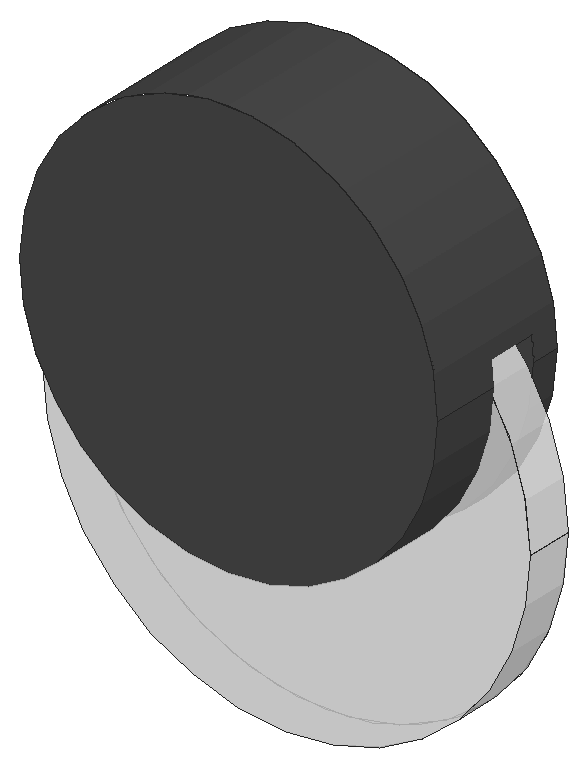
Revit family "3-754-15 Pavo Wall Lantern", category Luminarias, Revit 2020
Family settings
  Anfitrión = Muro
  Cota de conector redondo = Diámetro de uso
  Tipo de pieza = Normal
  Número OmniClass = 23.80.70.00
  Título OmniClass = Lighting
  Siempre vertical = Sí
  Corte con vacíos al cargar = No
  Origen de luz = Sí
  Compartido = No
  Punto de cálculo de habitación = No
Parameters (values of type "3-754-15 / Black - White Frost Glass")
  Wattage Comments = ""
  Wattage = 12.48 W
  built-in parameter 1150110 = 1 (stored number, unit not read)
  Voltage Input = "120 V or 277 V - 50/60 Hz"  # constant formula
  Voltage = 120 V
  URL = "www.oxygenlighting.com"
  built-in parameter 1114217 = 1 (stored number, unit not read)
  built-in parameter 1150109 = 1 (stored number, unit not read)
  built-in parameter 1150134 = (empty or 0)
  built-in parameter 1150113 = 1 (stored number, unit not read)
  References = "Ref. 3 = 120 V / Ref. 37 = 277 V"  # constant formula
  Modelo = "3-754-15 Pavo Wall Lantern"  # constant formula
  Metal Finish = 15 - Black
  Fabricante = "Oxygen - Lighting & Fans"  # constant formula
  Main Diffuser = White Frost Glass
  Lumens = 321.984 lm
  built-in parameter 1150115 = 1 (stored number, unit not read)
  built-in parameter 1150105 = 25.623 (stored number, unit not read)
  Tamaño de símbolo de origen de luz = 24.00"
  built-in parameter 1150137 = (empty or 0)
  built-in parameter 1150139 = (empty or 0)
  built-in parameter 1150112 = 1 (stored number, unit not read)
  built-in parameter 1150114 = 1 (stored number, unit not read)
  Lamp = ""
  built-in parameter 1150132 = (empty or 0)
  built-in parameter 1150102 = (empty or 0)
  built-in parameter 1150138 = (empty or 0)
  built-in parameter 1150107 = 3000 (stored number, unit not read)
  built-in parameter 1150106 = 0.25623 (stored number, unit not read)
  built-in parameter 1150104 = 2.3969 (stored number, unit not read)
  Dimming Lamp Color Temperature Shift = (empty or 0)
  Default Elevation = 0.00"
  Color Filter = 16777215
  built-in parameter 1114218 = 1 (stored number, unit not read)
  built-in parameter 1150133 = 10 (stored number, unit not read)
Reference planes (in)
  plane 1: y = 0
  plane 2 "Light Source Axis (F/B)": y = 4.01601
  plane 3 "Light Source Axis (L/R)": x = -1.43133
  plane 4 "Light Source Elevation": z = 38
  plane 5 "Wall Face": y = 3
Text (in)
  text "Placement Side" at (0, 40.15149, 123.01588), in view "Right"
  text "Placement Side" at (-70.3804, 56.61594, 0), in view "Ref. Level"
  text "Placement Side" at (0, 47.49176, 140.59947), in view "Left"
Dimensions and locks (in)
  aligned and locked: plane 3 "Light Source Axis (L/R)" to imposter light
  aligned and locked: plane 5 "Wall Face" to host wall
  aligned and locked: nested 1 to plane 3 "Light Source Axis (L/R)"
  aligned and locked: plane 2 "Light Source Axis (F/B)" to imposter light
  aligned and locked: imposter light to plane 4 "Light Source Elevation"
  aligned and locked: nested 1 to plane 5 "Wall Face"
  aligned and locked: plane 2 "Light Source Axis (F/B)" to nested 1
  aligned and locked: nested 1 to plane 4 "Light Source Elevation"
Nested families (in)
  nested 1: "Family2" at (-1.43133, 3, 37.90617) x (-1, 0, 0) z (0, 0, 1), type "Family2"
Definition of nested family "Family2"
  Parameters (values of type "Family2")
    Metal Finish = none
    Diffuser Material = none
    Default Elevation = 0.00"
  Reference planes (in)
    plane 1 "Center (Front/Back)": y = 0
    plane 2: z = 0
    plane 3 "Center (Left/Right)": x = 0
  Forms (in)
    Extrusion 1, solid, material <- "Metal Finish"
      sketch origin (0, 0, 0) x (1, 0, 0) y (0, 0, 1)
        loop
          circle (0, -0.25623) r 2.95276
      from 0 to 2.08661
    Extrusion 2, solid, material <- "Diffuser Material"
      sketch origin (0, 0, 0) x (1, 0, 0) y (0, 0, 1)
        loop
          circle (0, -2.23083) r 3.44334
      from 1.01601 to 1.68708
    Extrusion 3, void
      sketch origin (0, 0, 0) x (0, 1, 0) y (0, 0, 1)
        loop
          line (-0.97941, -3.97356) -> (-0.97941, 0.09383) -> (-1.68708, 0.09383) -> (-1.68708, -3.97356) -> (-0.97941, -3.97356)
      from -4.11119 to 4.41888
  Cuts and joins
    Extrusion 3 cuts Extrusion 1
  Dimensions and locks (in)
    aligned and locked: level to plane 2
